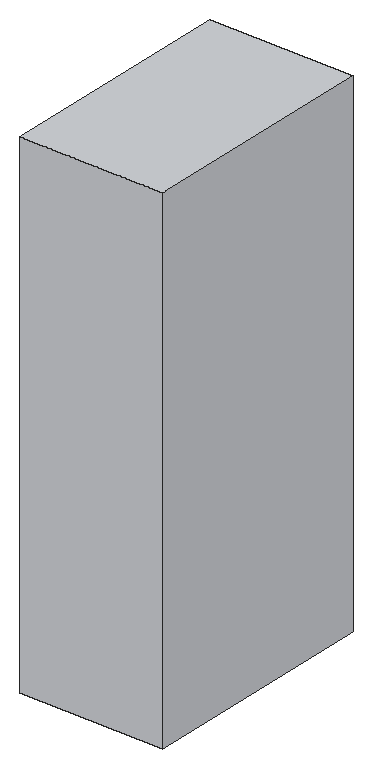
Revit family "第二期車站05_RTU機櫃_600x1000x2100", category 電氣設備, Revit 2025
Family settings
  面板規劃 = 兩欄，回路穿越
  圓形接點標註 = 使用直徑
  組件類型 = 分電盤
  OmniClass 編號 = 23.80.30.11.17
  OmniClass 標題 = Distribution Boards and Control Panels
  以工作平面為基礎 = 否
  總是垂直 = 是
  載入時使用空心切割 = 否
  維持標註方位 = 否
  共用 = 否
  房間計算點 = 否
Parameters (values of type "RTU 與網路機櫃")
  built-in parameter 1155100 [instance] = -1
  Default Elevation = 0 mm
  built-in parameter 1140142 [instance] = -1
  SCADA_高mm [instance] = "2100"
  SCADA_附錄F項次 [instance] = "23"
  SCADA_附錄D項次 [instance] = "14"
  SCADA_編號 [instance] = "P2S05-COMS-RTU-01"
  SCADA_站點 [instance] = "車站 5"
  SCADA_深mm [instance] = "1000"
  SCADA_機櫃類型 [instance] = "RTU 與網路機櫃"
  SCADA_期別 [instance] = "第二期"
  SCADA_房間 [instance] = "COMS/SCADA 設備室"
  SCADA_建物 [instance] = "車站"
  SCADA_尺寸 [instance] = "600W×1000D×2100H"
  SCADA_寬mm [instance] = "600"
  SCADA_定位來源 [instance] = "獨立設備族群（載入專案後定位）"
  SCADA_備註 [instance] = ""
  SCADA_來源文件 [instance] = "Installation SoW_V6（Rev.006, 2026-07-02）附錄 D / F；依原文顏色標示排除已刪除項目"
  SCADA_UPS電源110V [instance] = "雙 UPS 電源（2×4500VA）"
  built-in parameter 1140140 [instance] = 1 (stored number, unit not read)
Reference planes
  plane 1 "中心 (前/後)": y = 0
  plane 2: z = 0
  plane 3 "中心 (左/右)": x = 0
Forms (mm)
  Extrusion 1, solid
    sketch origin (0, 0, 0) x (1, 0, 0) y (0, 1, 0)
      loop
        line (-300, -500) -> (300, -500) -> (300, 500) -> (-300, 500) -> (-300, -500)
    from 0 to 2100
Lines and regions (mm)
  model lines, style "開門線"
    curve 1: line (300, -500, 0) -> (300, -1100, 0)
    curve 2: arc (-300, -500, 0) -> (-124.264, -924.264, 0) -> (300, -1100, 0) r 600
    curve 3: line (-300, 500, 0) -> (-300, 1100, 0)
    curve 4: arc (300, 500, 0) -> (124.264, 924.264, 0) -> (-300, 1100, 0) r 600
Dimensions and locks
  aligned and locked: level to plane 2
